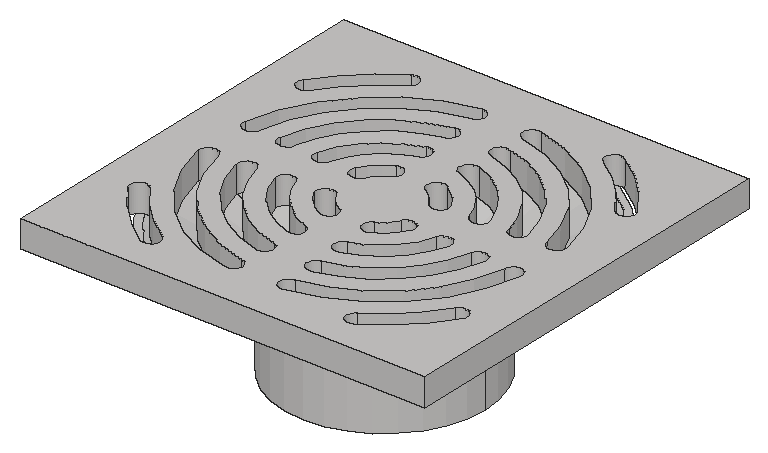
Revit family "PlumbingFixture_Grate_Galvin_G200S-Th", category Plumbing Fixtures, host Face, Revit 2011
Parameters (values of type "302752X - ST/ST 316")
  URL = "www.galvinengineering.com.au"
  Type Comments = "Square"
  StyleOrType_ANZRS = "Grate"
  ModifiedIssue_ANZRS = 20140526.01  # constant formula
  Model = "302752X - ST/ST 316"
  Manufacturer = "Galvin Engineering"
  Keynote = "10800"
  Instructions = "http://www.galvinengineering.com.au/Installation_Guides_1.aspx"
  GrateMaterial = Metal_Drains_Stainless-Steel_15400
  FilterObject_ANZRS = "GS-Th"
  OutletRadius_DoNotEdit = 50 mm
  DimTop = 200 mm  # constant formula
  DimOutlet = if(OutletRadius_DoNotEdit > 0 mm, (OutletRadius_DoNotEdit * 2), (OutletRadius_DoNotEdit * 2))  # 100 mm
  DimHeight = 76 mm
  DimDepth = 40 mm  # constant formula
  Description = "Square Threaded Floor Drain - Grate Assembly"
  Default Elevation = 0 mm
  CreatedBy_ANZRS = "Galvin Engineering"
  CreatedByURL_ANZRS = "www.galvinengineering.com.au"
  CreatedByPhoneNo_ANZRS = "61-8-92495900"
  Circulation_ANZRS = yes
  CHWFlow_ANZRS = 6.4 L/s
  BodyMaterial = Metal_Drains_Stainless-Steel-Threaded_15400
  Assembly Code = "D2040200"
Types (3, lengths in mm): name | Model | OutletRadius_DoNotEdit | DimOutlet | DimHeight
  (no name) | "302752X - ST/ST 316" | 50 | 100 | 76
  302752X - ST/ST 316 | "302752X - ST/ST 316" | 50 | 100 | 76
  302756X - ST/ST 316 | "302756X - ST/ST 316" | 75 | 150 | 69
Reference planes
  plane 1 "Center (Front/Back)": y = 0
  plane 2 "Face": z = 0
  plane 3 "Center (Left/Right)": x = 0
  plane 4: x = -100
  plane 5: x = 100
  plane 6 "Bottom": z = -76
  plane 7 "Depth": z = -36
Forms (mm)
  Revolve 1, solid, material "Metal_Drains_Stainless-Steel_15400" <- "GrateMaterial"
    sketch origin (0, 0, 0) x (1, 0, 0) y (0, 0, 1)
      loop
        line (48.5, -35.999) -> (49.958, -35.999) -> (97, -13.439) -> (93.531, -13.439) -> (48.5, -35.035) -> (48.5, -35.999)
      axis (0, -13.439) -> (0, -35.999)
    angle from 0 to 360
  Extrusion 2, solid, material "Metal_Drains_Stainless-Steel_15400" <- "GrateMaterial"
    sketch origin (0, 0, 0) x (1, 0, 0) y (0, 1, 0)
      loop
        line (-100, -100) -> (100, -100) -> (100, 100) -> (-100, 100) -> (-100, -100)
      loop
        arc (-52.958, 82.645) -> (-69.472, 69.531) -> (-82.834, 53.218) r 99
        arc (-82.834, 53.218) -> (-81.533, 46.988) -> (-75.303, 48.289) r 4.5
        arc (-75.303, 48.289) -> (-63.156, 63.119) -> (-48.144, 75.041) r 90
        arc (-48.144, 75.041) -> (-46.749, 81.25) -> (-52.958, 82.645) r 4.5
      loop
        arc (-14.61, 78.671) -> (-57.349, 56.202) -> (-79.709, 13.407) r 81
        arc (-79.709, 13.407) -> (-76.081, 8.178) -> (-70.852, 11.806) r 4.5
        arc (-70.852, 11.806) -> (-50.977, 49.847) -> (-12.987, 69.819) r 72
        arc (-12.987, 69.819) -> (-9.372, 75.057) -> (-14.61, 78.671) r 4.5
      loop
        arc (-13.745, 60.482) -> (-44.605, 43.491) -> (-61.517, 12.588) r 63
        arc (-61.517, 12.588) -> (-58.094, 7.223) -> (-52.729, 10.647) r 4.5
        arc (-52.729, 10.647) -> (-38.232, 37.135) -> (-11.781, 51.699) r 54
        arc (-11.781, 51.699) -> (-8.371, 57.073) -> (-13.745, 60.482) r 4.5
      loop
        arc (-13.02, 42.075) -> (-31.86, 30.779) -> (-43.108, 11.911) r 45
        arc (-43.108, 11.911) -> (-40.088, 6.309) -> (-34.487, 9.328) r 4.5
        arc (-34.487, 9.328) -> (-25.488, 24.423) -> (-10.416, 33.46) r 36
        arc (-10.416, 33.46) -> (-7.411, 39.07) -> (-13.02, 42.075) r 4.5
      loop
        arc (-12.766, 22.792) -> (-19.116, 18.068) -> (-23.824, 11.705) r 27
        arc (-23.824, 11.705) -> (-21.971, 5.617) -> (-15.883, 7.47) r 4.5
        arc (-15.883, 7.47) -> (-12.744, 11.712) -> (-8.51, 14.861) r 18
        arc (-8.51, 14.861) -> (-6.673, 20.954) -> (-12.766, 22.792) r 4.5
      loop
        arc (-82.834, -55.222) -> (-69.472, -71.535) -> (-52.958, -84.649) r 99
        arc (-52.958, -84.649) -> (-46.749, -83.254) -> (-48.144, -77.045) r 4.5
        arc (-48.144, -77.045) -> (-63.156, -65.123) -> (-75.303, -50.293) r 90
        arc (-75.303, -50.293) -> (-81.533, -48.992) -> (-82.834, -55.222) r 4.5
      loop
        arc (-79.671, -15.614) -> (-57.202, -58.353) -> (-14.407, -80.713) r 81
        arc (-14.407, -80.713) -> (-9.178, -77.085) -> (-12.806, -71.856) r 4.5
        arc (-12.806, -71.856) -> (-50.847, -51.981) -> (-70.819, -13.991) r 72
        arc (-70.819, -13.991) -> (-76.057, -10.376) -> (-79.671, -15.614) r 4.5
      loop
        arc (-61.482, -14.749) -> (-44.491, -45.609) -> (-13.588, -62.521) r 63
        arc (-13.588, -62.521) -> (-8.223, -59.098) -> (-11.647, -53.733) r 4.5
        arc (-11.647, -53.733) -> (-38.135, -39.236) -> (-52.699, -12.785) r 54
        arc (-52.699, -12.785) -> (-58.073, -9.375) -> (-61.482, -14.749) r 4.5
      loop
        arc (-43.075, -14.024) -> (-31.779, -32.864) -> (-12.911, -44.112) r 45
        arc (-12.911, -44.112) -> (-7.309, -41.092) -> (-10.328, -35.491) r 4.5
        arc (-10.328, -35.491) -> (-25.423, -26.492) -> (-34.46, -11.42) r 36
        arc (-34.46, -11.42) -> (-40.07, -8.415) -> (-43.075, -14.024) r 4.5
      loop
        arc (8.51, -16.865) -> (6.673, -22.958) -> (12.766, -24.796) r 4.5
        arc (12.766, -24.796) -> (19.116, -20.072) -> (23.824, -13.709) r 27
        arc (23.824, -13.709) -> (21.971, -7.621) -> (15.883, -9.474) r 4.5
        arc (15.883, -9.474) -> (12.744, -13.716) -> (8.51, -16.865) r 18
      loop
        arc (15.861, 7.51) -> (21.954, 5.673) -> (23.792, 11.766) r 4.5
        arc (23.792, 11.766) -> (19.068, 18.116) -> (12.705, 22.824) r 27
        arc (12.705, 22.824) -> (6.617, 20.971) -> (8.47, 14.883) r 4.5
        arc (8.47, 14.883) -> (12.712, 11.744) -> (15.861, 7.51) r 18
      loop
        arc (34.46, 9.416) -> (40.07, 6.411) -> (43.075, 12.02) r 4.5
        arc (43.075, 12.02) -> (31.779, 30.86) -> (12.911, 42.108) r 45
        arc (12.911, 42.108) -> (7.309, 39.088) -> (10.328, 33.487) r 4.5
        arc (10.328, 33.487) -> (25.423, 24.488) -> (34.46, 9.416) r 36
      loop
        arc (52.699, 10.781) -> (58.073, 7.371) -> (61.482, 12.745) r 4.5
        arc (61.482, 12.745) -> (44.491, 43.605) -> (13.588, 60.517) r 63
        arc (13.588, 60.517) -> (8.223, 57.094) -> (11.647, 51.729) r 4.5
        arc (11.647, 51.729) -> (38.135, 37.232) -> (52.699, 10.781) r 54
      loop
        arc (70.819, 11.987) -> (76.057, 8.372) -> (79.671, 13.61) r 4.5
        arc (79.671, 13.61) -> (57.202, 56.349) -> (14.407, 78.709) r 81
        arc (14.407, 78.709) -> (9.178, 75.081) -> (12.806, 69.852) r 4.5
        arc (12.806, 69.852) -> (50.847, 49.977) -> (70.819, 11.987) r 72
      loop
        arc (75.303, 48.289) -> (81.533, 46.988) -> (82.834, 53.218) r 4.5
        arc (82.834, 53.218) -> (69.472, 69.531) -> (52.958, 82.645) r 99
        arc (52.958, 82.645) -> (46.749, 81.25) -> (48.144, 75.041) r 4.5
        arc (48.144, 75.041) -> (63.156, 63.119) -> (75.303, 48.289) r 90
      loop
        arc (10.416, -35.464) -> (7.411, -41.074) -> (13.02, -44.079) r 4.5
        arc (13.02, -44.079) -> (31.86, -32.783) -> (43.108, -13.915) r 45
        arc (43.108, -13.915) -> (40.088, -8.313) -> (34.487, -11.332) r 4.5
        arc (34.487, -11.332) -> (25.488, -26.427) -> (10.416, -35.464) r 36
      loop
        arc (11.781, -53.703) -> (8.371, -59.077) -> (13.745, -62.486) r 4.5
        arc (13.745, -62.486) -> (44.605, -45.495) -> (61.517, -14.592) r 63
        arc (61.517, -14.592) -> (58.094, -9.227) -> (52.729, -12.651) r 4.5
        arc (52.729, -12.651) -> (38.232, -39.139) -> (11.781, -53.703) r 54
      loop
        arc (12.987, -71.823) -> (9.372, -77.061) -> (14.61, -80.675) r 4.5
        arc (14.61, -80.675) -> (57.349, -58.206) -> (79.709, -15.411) r 81
        arc (79.709, -15.411) -> (76.081, -10.182) -> (70.852, -13.81) r 4.5
        arc (70.852, -13.81) -> (50.977, -51.851) -> (12.987, -71.823) r 72
      loop
        arc (48.144, -77.045) -> (46.749, -83.254) -> (52.958, -84.649) r 4.5
        arc (52.958, -84.649) -> (69.472, -71.535) -> (82.834, -55.222) r 99
        arc (82.834, -55.222) -> (81.533, -48.992) -> (75.303, -50.293) r 4.5
        arc (75.303, -50.293) -> (63.156, -65.123) -> (48.144, -77.045) r 90
      loop
        arc (-8.51, -16.865) -> (-12.744, -13.716) -> (-15.883, -9.474) r 18
        arc (-15.883, -9.474) -> (-21.971, -7.621) -> (-23.824, -13.709) r 4.5
        arc (-23.824, -13.709) -> (-19.116, -20.072) -> (-12.766, -24.796) r 27
        arc (-12.766, -24.796) -> (-6.673, -22.958) -> (-8.51, -16.865) r 4.5
    from 0 to -13.439
  Extrusion 3, solid, material "Metal_Drains_Stainless-Steel-Threaded_15400" <- "BodyMaterial"
    sketch origin (0, 0, 0) x (1, 0, 0) y (0, 1, 0)
      loop
        circle (0, 0) r 50
      loop
        circle (0, 0) r 48.5
    from -36 to -76
  Revolve 4, void
    sketch origin (0, 0, 0) x (1, 0, 0) y (0, 0, 1)
      loop
        line (97, -13.439) -> (0, -13.439) -> (0, -76) -> (50, -76) -> (50, -35.979) -> (97, -13.439)
      axis (0, -13.439) -> (0, -76)
    angle from 0 to 360
  Extrusion 5, void
    sketch origin (0, 0, 0) x (1, 0, 0) y (0, 1, 0)
      loop
        line (-100, -100) -> (100, -100) -> (100, 100) -> (-100, 100) -> (-100, -100)
    from 0 to -13.439
Lines and regions (mm)
  symbolic lines, style "Waste Outlets", detail levels medium+fine
    curve 1: line (-92, -89, 0) -> (-92, 89, 0)
    curve 2: arc (-92, 89, 0) -> (-91.121, 91.121, 0) -> (-89, 92, 0) r 3
    curve 3: line (-89, 92, 0) -> (89, 92, 0)
    curve 4: arc (89, 92, 0) -> (91.121, 91.121, 0) -> (92, 89, 0) r 3
    curve 5: line (92, 89, 0) -> (92, -89, 0)
    curve 6: arc (92, -89, 0) -> (91.121, -91.121, 0) -> (89, -92, 0) r 3
    curve 7: line (89, -92, 0) -> (-89, -92, 0)
    curve 8: arc (-89, -92, 0) -> (-91.121, -91.121, 0) -> (-92, -89, 0) r 3
    curve 18: circle (-82, -82, 0) r 3.673 normal (0, 0, 1)
    curve 19: circle (82, -82, 0) r 3.673 normal (0, 0, 1)
  symbolic lines, style "Waste Outlets", detail levels fine
    curve 9: line (-87.5, 89, 0) -> (87.5, 89, 0)
    curve 10: arc (87.5, 89, 0) -> (89.621, 88.121, 0) -> (90.5, 86, 0) r 3
    curve 11: line (90.5, 86, 0) -> (90.5, -88, 0)
    curve 12: arc (90.5, -88, 0) -> (89.621, -90.121, 0) -> (87.5, -91, 0) r 3
    curve 13: line (87.5, -91, 0) -> (-87.5, -91, 0)
    curve 14: arc (-87.5, -91, 0) -> (-89.621, -90.121, 0) -> (-90.5, -88, 0) r 3
    curve 15: line (-90.5, -88, 0) -> (-90.5, 86, 0)
    curve 16: arc (-90.5, 86, 0) -> (-89.621, 88.121, 0) -> (-87.5, 89, 0) r 3
  symbolic lines, style "Waste Outlets"
    curve 17: circle (-82, -82, 0) r 6 normal (0, 0, 1)
Dimensions and locks
  "DimTop": plane 4 to plane 5
  "DimHeight": plane 2 "Face" to plane 6 "Bottom"
  "DimDepth": plane 7 "Depth" to plane 6 "Bottom"
  aligned and locked: plane 2 "Face" to host face
  aligned and locked: level to host face
  aligned and locked: plane 6 "Bottom" to Extrusion 3
  aligned and locked: Extrusion 3 to plane 7 "Depth"
  aligned and locked: plane 6 "Bottom" to Revolve 4 sketch curve
Automatic sketch dimensions
  host sketch curve to host sketch curve = 400 mm  (x2)
  Extrusion 3 sketch curve to Extrusion 3 sketch curve = 0 mm  (x2)
  plane 1 "Center (Front/Back)" to Extrusion 3 sketch curve = 0 mm
  Extrusion 3 sketch curve to plane 3 "Center (Left/Right)" = 0 mm
  Extrusion 2 sketch curve to Extrusion 2 sketch curve = 0 mm  (x820)
  Extrusion 2 sketch curve to plane 4 = 0 mm
  Extrusion 2 sketch curve to plane 3 "Center (Left/Right)" = 0 mm  (x2)
  Extrusion 2 sketch curve to plane 5 = 0 mm
  Extrusion 2 sketch curve to plane 4 = 17.166 mm  (x2)
  Extrusion 2 sketch curve to plane 4 = 20.291 mm
  Extrusion 2 sketch curve to plane 4 = 20.329 mm
  Extrusion 2 sketch curve to Extrusion 2 sketch curve = 3.765 mm  (x4)
  Extrusion 2 sketch curve to Extrusion 2 sketch curve = 4.428 mm  (x2)
  Extrusion 2 sketch curve to Extrusion 2 sketch curve = 4.426 mm  (x2)
  Extrusion 2 sketch curve to Extrusion 2 sketch curve = 9.335 mm  (x3)
  Extrusion 2 sketch curve to Extrusion 2 sketch curve = 9.337 mm  (x3)
  Extrusion 2 sketch curve to Extrusion 2 sketch curve = 4.394 mm  (x2)
  Extrusion 2 sketch curve to Extrusion 2 sketch curve = 4.392 mm  (x2)
  Extrusion 2 sketch curve to Extrusion 2 sketch curve = 22.345 mm  (x2)
  Extrusion 2 sketch curve to Extrusion 2 sketch curve = 2.407 mm  (x4)
  Extrusion 2 sketch curve to Extrusion 2 sketch curve = 9.621 mm  (x3)
  Extrusion 2 sketch curve to Extrusion 2 sketch curve = 9.624 mm  (x3)
  Extrusion 2 sketch curve to Extrusion 2 sketch curve = 4.311 mm  (x2)
  Extrusion 2 sketch curve to Extrusion 2 sketch curve = 4.308 mm  (x2)
  Extrusion 2 sketch curve to Extrusion 2 sketch curve = 10.636 mm
  Extrusion 2 sketch curve to Extrusion 2 sketch curve = 10.663 mm  (x2)
  Extrusion 2 sketch curve to Extrusion 2 sketch curve = 3.971 mm  (x3)
  Extrusion 2 sketch curve to plane 3 "Center (Left/Right)" = 14.61 mm
  Extrusion 2 sketch curve to plane 3 "Center (Left/Right)" = 14.407 mm
  Extrusion 2 sketch curve to Extrusion 2 sketch curve = 0.812 mm  (x2)
  Extrusion 2 sketch curve to Extrusion 2 sketch curve = 0.758 mm  (x3)
  Extrusion 2 sketch curve to Extrusion 2 sketch curve = 0.8 mm  (x2)
  Extrusion 2 sketch curve to Extrusion 2 sketch curve = 0.782 mm  (x3)
  Extrusion 2 sketch curve to Extrusion 2 sketch curve = 1.239 mm  (x3)
  Extrusion 2 sketch curve to Extrusion 2 sketch curve = 1.264 mm  (x3)
  Extrusion 2 sketch curve to Extrusion 2 sketch curve = 2.437 mm
  Extrusion 2 sketch curve to Extrusion 2 sketch curve = 2.349 mm
  Extrusion 2 sketch curve to Extrusion 2 sketch curve = 0.982 mm  (x2)
  Extrusion 2 sketch curve to Extrusion 2 sketch curve = 0.971 mm  (x2)
  Extrusion 2 sketch curve to Extrusion 2 sketch curve = 1.302 mm  (x2)
  Extrusion 2 sketch curve to Extrusion 2 sketch curve = 1.291 mm  (x2)
  Extrusion 2 sketch curve to Extrusion 2 sketch curve = 2.128 mm  (x3)
  plane 3 "Center (Left/Right)" to Extrusion 2 sketch curve = 8.47 mm
  plane 3 "Center (Left/Right)" to Extrusion 2 sketch curve = 8.51 mm
  plane 3 "Center (Left/Right)" to Extrusion 2 sketch curve = 10.328 mm
  plane 3 "Center (Left/Right)" to Extrusion 2 sketch curve = 10.416 mm
  Extrusion 2 sketch curve to Extrusion 2 sketch curve = 2.118 mm
  Extrusion 2 sketch curve to Extrusion 2 sketch curve = 7.391 mm
  Extrusion 2 sketch curve to Extrusion 2 sketch curve = 7.372 mm
  Extrusion 2 sketch curve to Extrusion 2 sketch curve = 3.965 mm
  Extrusion 2 sketch curve to Extrusion 2 sketch curve = 10.669 mm  (x2)
  Extrusion 2 sketch curve to Extrusion 2 sketch curve = 33.534 mm
  Extrusion 2 sketch curve to Extrusion 2 sketch curve = 33.737 mm
  Extrusion 2 sketch curve to plane 5 = 24.697 mm  (x2)
  plane 1 "Center (Front/Back)" to Extrusion 2 sketch curve = 100 mm
  Extrusion 2 sketch curve to Extrusion 2 sketch curve = 15.351 mm  (x2)
  Extrusion 2 sketch curve to Extrusion 2 sketch curve = 3.802 mm
  Extrusion 2 sketch curve to Extrusion 2 sketch curve = 3.668 mm
  Extrusion 2 sketch curve to Extrusion 2 sketch curve = 4.391 mm
  Extrusion 2 sketch curve to Extrusion 2 sketch curve = 10.695 mm
  Extrusion 2 sketch curve to Extrusion 2 sketch curve = 0.004 mm
  Extrusion 2 sketch curve to plane 1 "Center (Front/Back)" = 7.47 mm
  Extrusion 2 sketch curve to plane 1 "Center (Front/Back)" = 7.51 mm
  Extrusion 2 sketch curve to plane 1 "Center (Front/Back)" = 9.328 mm
  Extrusion 2 sketch curve to plane 1 "Center (Front/Back)" = 9.416 mm
  Extrusion 2 sketch curve to Extrusion 2 sketch curve = 34.882 mm
  Extrusion 2 sketch curve to Extrusion 2 sketch curve = 34.679 mm
  Extrusion 2 sketch curve to Extrusion 2 sketch curve = 46.782 mm
  Extrusion 5 sketch curve to plane 4 = 0 mm
  Extrusion 5 sketch curve to plane 5 = 0 mm
  plane 1 "Center (Front/Back)" to Extrusion 5 sketch curve = 100 mm
  Extrusion 5 sketch curve to plane 1 "Center (Front/Back)" = 100 mm
  curve 17 to curve 18 = 0 mm  (x2)
  curve 1 to plane 4 = 8 mm
  curve 1 to curve 14 = 1.5 mm
  curve 2 to curve 2 = 3 mm
  curve 14 to curve 8 = 1.5 mm
  curve 8 to curve 14 = 1.5 mm
  curve 16 to curve 16 = 3 mm
  curve 14 to curve 17 = 5.5 mm
  curve 19 to plane 5 = 18 mm
  curve 10 to plane 5 = 12.5 mm
  curve 19 to curve 13 = 5.5 mm
  curve 12 to curve 6 = 1.5 mm
  curve 9 to curve 4 = 1.5 mm
  curve 6 to curve 12 = 1.5 mm
  curve 4 to curve 5 = 3 mm
  plane 1 "Center (Front/Back)" to curve 7 = 92 mm
  curve 8 to curve 14 = 1 mm
  curve 12 to curve 19 = 6 mm
  curve 14 to curve 17 = 6 mm
  curve 16 to plane 1 "Center (Front/Back)" = 86 mm
  curve 10 to curve 4 = 3 mm
  Revolve 1 sketch curve to plane 3 "Center (Left/Right)" = 0 mm
  Revolve 1 sketch curve to plane 7 "Depth" = 0.001 mm
  Revolve 1 sketch curve to plane 7 "Depth" = 0.965 mm
  Revolve 1 sketch curve to Revolve 1 sketch curve = 1.458 mm
  Revolve 1 sketch curve to Revolve 1 sketch curve = 45.031 mm
  Revolve 1 sketch curve to plane 5 = 3 mm
  plane 6 "Bottom" to Revolve 1 sketch curve = 6.509 mm
  Revolve 1 sketch curve to level = 13.439 mm
  level to Revolve 1 sketch curve = 22.491 mm
  Revolve 1 sketch curve to Revolve 1 sketch curve = 3.469 mm
  Revolve 4 sketch curve to plane 3 "Center (Left/Right)" = 0 mm  (x2)
  Revolve 4 sketch curve to plane 7 "Depth" = 0.021 mm
  plane 3 "Center (Left/Right)" to Revolve 4 sketch curve = 50 mm
  Revolve 4 sketch curve to plane 5 = 3 mm
  plane 6 "Bottom" to Revolve 4 sketch curve = 6.509 mm
  Revolve 4 sketch curve to level = 13.439 mm
  level to Revolve 4 sketch curve = 22.491 mm
  radius of Extrusion 3 sketch curve = 50 mm
  radius of Extrusion 3 sketch curve = 48.5 mm
  radius of curve 17 = 6 mm
  radius of curve 18 = 3.673 mm
  radius of curve 19 = 3.673 mm
Connectors
  piping at (0, 0, -76), driven by "OutletRadius_DoNotEdit"
    settings: on Extrusion 3, index 1, connector radius 1.9685", flow factor 0, pipe flow 0.0 L/s, pressure drop 0.00 psi, fitting loss kfactor 0, connector angle 0.00°, fixture units 0, engagement length 0 mm, flow configuration 0, flow direction 0, fitting loss method 0, system type 28, joint type 0, gender type 0, connector reference index -1, connector utility 0, adjustable connector no, is connector primary yes, fitting loss table "", connector description ""
